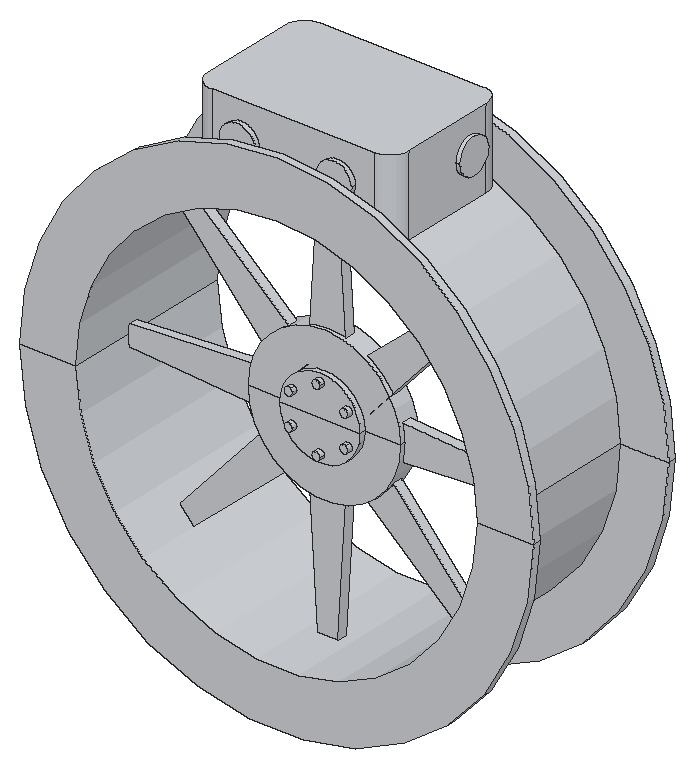
Revit family "CADS_Vent-Axia_MechEquip_Fan_ESC_3Ph2P - SUPPLY", category Mechanical Equipment, Revit 2020
Family settings
  Round Connector Dimension = Use Diameter
  Part Type = Normal
  OmniClass Number = 23.75.00.00
  OmniClass Title = Climate Control (HVAC)
  Work Plane-Based = No
  Always vertical = Yes
  Cut with Voids When Loaded = No
  Shared = No
  Room Calculation Point = No
Parameters (values of type "ESC25032")
  WorkingPressure = 0.0 Pa
  WarrantyStartDate [instance] = "1900-12-31T23:59:59"
  WarrantyPeriod = ""
  WarrantyIdentifier = "N/A"
  WarrantyGuarantorParts = "tech@vent-axia.com"
  WarrantyGuarantorLabor = "tech@vent-axia.com"
  WarrantyGuarantor = "Vent-Axia Limited"
  WarrantyEndDate [instance] = "1900-12-31T23:59:59"
  WarrantyContent = ""
  TemperatureRange = ""
  TagNumber [instance] = "N/A"
  SustainabilityPerformance = ""
  Status = "New"
  Size = ""
  Shape = ""
  ServiceLifeType = ""
  ServiceLifeDuration = ""
  SerialNumber [instance] = "N/A"
  ReplacementCost = ""
  RatedVoltage = 0 V
  RatedCurrent = 0 A
  Quantity = 1
  ProductionYear = ""
  PressureCurve = ""
  PowerFactor = ""
  PointOfContact = ""
  NumberOfPoles = 0
  NominalWidth = 250 mm
  NominalLength = 110 mm
  NominalHeight = 250 mm
  NominalFrequencyRange = ""
  NominalDiameter = 250 mm
  ModelReference = "SHORT CASED AXIAL FAN 250DIA 3PH 2 POLE"
  ModelNumber = "ESC25032"
  Material = ""
  ManufacturerE-Mail = "tech@vent-axia.com"
  ManufacturerAddress = "Fleming Way\nCrawley \nRH10 9YX"
  IsExtendedWarranty = no
  InsulationStandardClass = ""
  InstallationDate [instance] = "1900-12-31T23:59:59"
  IfcExportType [instance] = ""
  IfcExportAs = "IfcFanType"
  IP_Code = ""
  HasProtectiveEarth = no
  GrossWeight = 0.00 kg
  Grade = ""
  GlobalTradeItemNumber [instance] = "N/A"
  Fitting Type = "Ignore"
  Finish = ""
  Features = ""
  ExteriorInsulation = no
  ExpectedServiceLife = 0
  Exclusions = ""
  DurationUnit = "Year"
  Default Elevation = 0 mm
  Constituents = ""
  ConductorFunction = ""
  Color = ""
  CodePerformance = ""
  Category = ""
  CADS_Usage = 0
  CADS_Index = 0
  AssetType = "FIXED"
  AssetIdentifier [instance] = "N/A"
  AssemblyPlace = "UNKNOWN"
  ArticleNumber [instance] = "N/A"
  AirflowRateRange = 0.0 L/s
  Air Flow [instance] = 0.0 L/s
  AccessibilityPerformance = ""
Types (3, lengths in mm): name | NominalWidth | NominalLength | NominalHeight | NominalDiameter | ModelReference | ModelNumber
  ESC25032 | 250 | 110 | 250 | 250 | "SHORT CASED AXIAL FAN 250DIA 3PH 2 POLE" | "ESC25032"
  ESC31532 | 315 | 135 | 315 | 315 | "SHORT CASED AXIAL FAN 315DIA 3PH 2 POLE" | "ESC31532"
  ESC35532 | 355 | 135 | 355 | 355 | "SHORT CASED AXIAL FAN 355DIA 3PH 2 POLE" | "ESC35532"
Reference planes
  plane 1 "Center (Front/Back)": y = 0
  plane 2: z = 0
  plane 3 "Center (Left/Right)": x = 0
  plane 4: x = -125
  plane 5: x = 125
  plane 6 "F": y = -55
  plane 7 "B": y = 55
  plane 8: x = -160
  plane 9: y = 50
  plane 10: y = -50
  plane 11: x = -130
  plane 12: y = -15
  plane 13 "top": z = 125
  plane 14: z = -125
Forms (mm)
  Revolve 1, solid
    sketch origin (0, 0, 0) x (1, 0, 0) y (0, 1, 0)
      loop
        line (-160, -55) -> (-125, -55) -> (-125, 55) -> (-160, 55) -> (-160, 50) -> (-130, 50) -> (-130, -50) -> (-160, -50) -> (-160, -55)
      axis (0, 55) -> (0, -55)
    angle from 0 to 360
Dimensions and locks
  equal spacing: plane 4, plane 3 "Center (Left/Right)", plane 5
  equal spacing: plane 7 "B", plane 1 "Center (Front/Back)", plane 6 "F"
  "NominalLength": plane 7 "B" to plane 6 "F"
  "NominalDiameter": plane 4 to plane 5
  locked: plane 11 to plane 4 at 5
  locked: plane 8 to plane 11 at 30
  locked: plane 6 "F" to plane 10 at 5
  locked: plane 7 "B" to plane 9 at 5
  locked: plane 6 "F" to plane 12 at 40
  equal spacing: plane 13 "top", level, plane 14
  "NominalDiameter": plane 13 "top" to plane 14
  aligned and locked: level to plane 2
  aligned and locked: nested 1 to plane 12
  aligned and locked: plane 1 "Center (Front/Back)" to nested 16
  aligned and locked: plane 3 "Center (Left/Right)" to nested 16
Automatic sketch dimensions
  plane 6 "F" to Revolve 1 sketch curve = 0 mm
  Revolve 1 sketch curve to plane 8 = 0 mm  (x2)
  plane 10 to Revolve 1 sketch curve = 0 mm
  Revolve 1 sketch curve to plane 11 = 0 mm
  Revolve 1 sketch curve to plane 4 = 0 mm
  Revolve 1 sketch curve to plane 3 "Center (Left/Right)" = 0 mm
  plane 1 "Center (Front/Back)" to Revolve 1 sketch curve = 0 mm
  Revolve 1 sketch curve to plane 9 = 0 mm
  Revolve 1 sketch curve to plane 7 "B" = 0 mm
  plane 6 "F" to Revolve 1 sketch curve = 115 mm
Nested families
  nested 1: "Fan for ESC" at (0, -15, 0), ND <- "NominalDiameter", type "Fan for ESC"
    with hub 25 mm, ND 250 mm, BoltPCD 20 mm, Bolt Count 6, B_Diam 5 mm
  nested 2: "Bolts" at (17.321, -24.172, -10) x (-0.5, 0, -0.866) z (0, 1, 0), type "Bolts"
    with bd 5 mm
  nested 3: "Bolts" at (0, -24.172, -20) x (-1, 0, 0) z (0, 1, 0), type "Bolts"
    with bd 5 mm
  nested 4: "Bolts" at (-17.321, -24.172, -10) x (-0.5, 0, 0.866) z (0, 1, 0), type "Bolts"
    with bd 5 mm
  nested 5: "Bolts" at (-17.321, -24.172, 10) x (0.5, 0, 0.866) z (0, 1, 0), type "Bolts"
    with bd 5 mm
  nested 6: "Bolts" at (17.321, -24.172, 10) x (0.5, 0, -0.866) z (0, 1, 0), type "Bolts"
    with bd 5 mm
  nested 7: "Bolts" at (0, -24.172, 20) x (1, 0, 0) z (0, 1, 0), type "Bolts"
    with bd 5 mm
  nested 8: "ESC Blade" at (0, -15, 0), type "ESC Blade"
    with a 20.00°, HR 25 mm, HD 50 mm, BT 12.5 mm, BR 100 mm, BH 40 mm, BD 250 mm, BB 25 mm
  nested 9: "ESC Blade" at (0, -15, 0) x (0.7071, 0, -0.7071) z (0.7071, 0, 0.7071), type "ESC Blade"
    with a 20.00°, HR 25 mm, HD 50 mm, BT 12.5 mm, BR 100 mm, BH 40 mm, BD 250 mm, BB 25 mm
  nested 10: "ESC Blade" at (0, -15, 0) x (0, 0, -1) z (1, 0, 0), type "ESC Blade"
    with a 20.00°, HR 25 mm, HD 50 mm, BT 12.5 mm, BR 100 mm, BH 40 mm, BD 250 mm, BB 25 mm
  nested 11: "ESC Blade" at (0, -15, 0) x (-0.7071, 0, -0.7071) z (0.7071, 0, -0.7071), type "ESC Blade"
    with a 20.00°, HR 25 mm, HD 50 mm, BT 12.5 mm, BR 100 mm, BH 40 mm, BD 250 mm, BB 25 mm
  nested 12: "ESC Blade" at (0, -15, 0) x (-1, 0, 0) z (0, 0, -1), type "ESC Blade"
    with a 20.00°, HR 25 mm, HD 50 mm, BT 12.5 mm, BR 100 mm, BH 40 mm, BD 250 mm, BB 25 mm
  nested 13: "ESC Blade" at (0, -15, 0) x (-0.7071, 0, -0.7071) z (-0.7071, 0, 0.7071), type "ESC Blade"
    with a 20.00°, HR 25 mm, HD 50 mm, BT 12.5 mm, BR 100 mm, BH 40 mm, BD 250 mm, BB 25 mm
  nested 14: "ESC Blade" at (0, -15, 0) x (0, 0, -1) z (-1, 0, 0), type "ESC Blade"
    with a 20.00°, HR 25 mm, HD 50 mm, BT 12.5 mm, BR 100 mm, BH 40 mm, BD 250 mm, BB 25 mm
  nested 15: "ESC Blade" at (0, -15, 0) x (0.7071, 0, -0.7071) z (-0.7071, 0, -0.7071), type "ESC Blade"
    with a 20.00°, HR 25 mm, HD 50 mm, BT 12.5 mm, BR 100 mm, BH 40 mm, BD 250 mm, BB 25 mm
  nested 16: "Electrical Connection Box" at (0, 0, 125), type "125x84"
Connectors
  hvac at (0, -55, 0), driven by "NominalDiameter", driven by "Air Flow"
    settings: on Revolve 1, index 1, duct flow 0.0 L/s, flow factor 0, pres drop 0.0 Pa, loss coef 0, conn angle 0.00°, conn width 304.8 mm, conn height 304.8 mm, conn diameter 250 mm, duct sys type 1, conn prof type 0, flow config 1, flow direction 1, loss method 0, conn ref index -1, conn util no, is conn primary yes, conn desc ""
  hvac at (0, 55, 0), driven by "NominalDiameter", driven by "Air Flow"
    settings: on Revolve 1, index 2, duct flow 0.0 L/s, flow factor 0, pres drop 0.0 Pa, loss coef 0, conn angle 0.00°, conn width 304.8 mm, conn height 304.8 mm, conn diameter 250 mm, duct sys type 1, conn prof type 0, flow config 0, flow direction 2, loss method 0, conn ref index -1, conn util no, is conn primary no, conn desc ""
Definition of nested family "Fan for ESC"
  Parameters (values of type "Fan for ESC")
    hub [instance] = ND / 10  # 56.7 mm
    ND [instance] = 567 mm
    Model = "."
    Default Elevation = 0 mm
    BoltPCD [instance] = hub - (hub * 0.2)  # 45.36 mm
    Bolt Count [instance] = if(hub < 50 mm, 6, 8)  # 8
    B_Diam [instance] = if(hub < 50 mm, 5 mm, 10 mm)  # 10 mm
  Reference planes
    plane 1 "Center (Front/Back)": y = 0
    plane 2: z = 0
    plane 3 "Center (Left/Right)": x = 0
    plane 4 "back": y = 20
    plane 5 "bolts": y = -9.172
    plane 6 "B": z = 56.7
    plane 7: x = -79.287
    plane 8: x = -56.7
    plane 9 "hubface": y = -6.172
  Forms (mm)
    Revolve 1, solid
      sketch origin (0, 0, 0) x (1, 0, 0) y (0, 1, 0)
        loop
          line (0, 20) -> (-56.7, 20) -> (-56.7, 10.504) -> (-79.287, 10.504) -> (-79.287, -2.597) -> (-56.7, -2.597) -> (-56.7, -6.172) -> (0, -6.172) -> (0, 20)
        axis (0, 20) -> (0, -6.172)
      angle from 0 to 360
    Extrusion 2, solid, not visible
      sketch origin (0, -6.347, -4) x (-1, 0, 0) y (0, 0, 1)
        loop
          circle (0, 84) r 5
      from 0 to 3
  Lines and regions (mm)
    symbolic lines
      curve 1: circle (0, -9.172, 0) r 45.36 normal (0, 1, 0)
    model lines, not visible
      curve 2: line (0, -6.347, 85) -> (0, -6.347, 75)
  Dimensions and locks
    "hub": plane 6 "B" to plane 2
    "hub": nested 3 to plane 3 "Center (Left/Right)"
    "hub": nested 4 to plane 3 "Center (Left/Right)"
    "hub": nested 5 to plane 3 "Center (Left/Right)"
    "hub": plane 3 "Center (Left/Right)" to nested 6
    "hub": Revolve 1 sketch curve to Revolve 1 sketch curve
    "hub": plane 3 "Center (Left/Right)" to nested 7
    "hub": plane 3 "Center (Left/Right)" to nested 8
    "hub": plane 3 "Center (Left/Right)" to nested 9
    "hub": plane 8 to plane 3 "Center (Left/Right)"
    plane 7 to plane 8 = 22.587 mm
    diameter of Extrusion 2 sketch curve = 10 mm
    "BoltPCD": radius of curve 1
    "BoltPCD": radius of radial array
    aligned and locked: level to plane 2
    aligned and locked: plane 6 "B" to nested 1
  Automatic sketch dimensions
    Revolve 1 sketch curve to plane 7 = 0 mm
    Revolve 1 sketch curve to plane 8 = 0 mm  (x2)
    Revolve 1 sketch curve to plane 3 "Center (Left/Right)" = 0 mm
    Revolve 1 sketch curve to plane 9 "hubface" = 0 mm
    plane 4 "back" to Revolve 1 sketch curve = 0 mm
    plane 1 "Center (Front/Back)" to Revolve 1 sketch curve = 2.597 mm
    plane 4 "back" to Revolve 1 sketch curve = 9.496 mm
    Revolve 1 sketch curve to Revolve 1 sketch curve = 5 mm
    Revolve 1 sketch curve to plane 4 "back" = 45 mm
    curve 1 to level = 0 mm
    curve 1 to plane 3 "Center (Left/Right)" = 0 mm
  Nested families
    nested 1: "ESC Blade" at (0, 0, 0), BD <- "ND", HD <- "hub", type "ESC Blade"
      with a 20.00°, HR 56.7 mm, HD 113.4 mm, BT 28.35 mm, BR 226.8 mm, BH 40 mm, BD 567 mm, BB 56.7 mm
    nested 2: "ESC Blade" at (0, 0, 755), BD <- "ND", HD <- "hub", type "ESC Blade", not visible
      with a 20.00°, HR 56.7 mm, HD 113.4 mm, BT 28.35 mm, BR 226.8 mm, BH 40 mm, BD 567 mm, BB 56.7 mm
    nested 3: "ESC Blade" at (0, 0, 0) x (0.7071, 0, -0.7071) z (0.7071, 0, 0.7071), BD <- "ND", HD <- "hub", type "ESC Blade"
      with a 20.00°, HR 56.7 mm, HD 113.4 mm, BT 28.35 mm, BR 226.8 mm, BH 40 mm, BD 567 mm, BB 56.7 mm
    nested 4: "ESC Blade" at (0, 0, 0) x (0, 0, -1) z (1, 0, 0), BD <- "ND", HD <- "hub", type "ESC Blade"
      with a 20.00°, HR 56.7 mm, HD 113.4 mm, BT 28.35 mm, BR 226.8 mm, BH 40 mm, BD 567 mm, BB 56.7 mm
    nested 5: "ESC Blade" at (0, 0, 0) x (-0.7071, 0, -0.7071) z (0.7071, 0, -0.7071), BD <- "ND", HD <- "hub", type "ESC Blade"
      with a 20.00°, HR 56.7 mm, HD 113.4 mm, BT 28.35 mm, BR 226.8 mm, BH 40 mm, BD 567 mm, BB 56.7 mm
    nested 6: "ESC Blade" at (0, 0, 0) x (-1, 0, 0) z (0, 0, -1), BD <- "ND", HD <- "hub", type "ESC Blade"
      with a 20.00°, HR 56.7 mm, HD 113.4 mm, BT 28.35 mm, BR 226.8 mm, BH 40 mm, BD 567 mm, BB 56.7 mm
    nested 7: "ESC Blade" at (0, 0, 0) x (-0.7071, 0, -0.7071) z (-0.7071, 0, 0.7071), BD <- "ND", HD <- "hub", type "ESC Blade"
      with a 20.00°, HR 56.7 mm, HD 113.4 mm, BT 28.35 mm, BR 226.8 mm, BH 40 mm, BD 567 mm, BB 56.7 mm
    nested 8: "ESC Blade" at (0, 0, 0) x (0, 0, -1) z (-1, 0, 0), BD <- "ND", HD <- "hub", type "ESC Blade"
      with a 20.00°, HR 56.7 mm, HD 113.4 mm, BT 28.35 mm, BR 226.8 mm, BH 40 mm, BD 567 mm, BB 56.7 mm
    nested 9: "ESC Blade" at (0, 0, 0) x (0.7071, 0, -0.7071) z (-0.7071, 0, -0.7071), BD <- "ND", HD <- "hub", type "ESC Blade"
      with a 20.00°, HR 56.7 mm, HD 113.4 mm, BT 28.35 mm, BR 226.8 mm, BH 40 mm, BD 567 mm, BB 56.7 mm
    nested 10: "Bolts" at (0, -9.172, 45.36) x (1, 0, 0) z (0, 1, 0), bd <- "B_Diam", type "Bolts"
      with bd 10 mm
    nested 11: "Bolts" at (32.074, -9.172, 32.074) x (0.7071, 0, -0.7071) z (0, 1, 0), bd <- "B_Diam", type "Bolts"
      with bd 10 mm
    nested 12: "Bolts" at (-32.074, -9.172, 32.074) x (0.7071, 0, 0.7071) z (0, 1, 0), bd <- "B_Diam", type "Bolts"
      with bd 10 mm
    nested 13: "Bolts" at (-45.36, -9.172, 0) x (0, 0, 1) z (0, 1, 0), bd <- "B_Diam", type "Bolts"
      with bd 10 mm
    nested 14: "Bolts" at (-32.074, -9.172, -32.074) x (-0.7071, 0, 0.7071) z (0, 1, 0), bd <- "B_Diam", type "Bolts"
      with bd 10 mm
    nested 15: "Bolts" at (0, -9.172, -45.36) x (-1, 0, 0) z (0, 1, 0), bd <- "B_Diam", type "Bolts"
      with bd 10 mm
    nested 16: "Bolts" at (32.074, -9.172, -32.074) x (-0.7071, 0, -0.7071) z (0, 1, 0), bd <- "B_Diam", type "Bolts"
      with bd 10 mm
    nested 17: "Bolts" at (45.36, -9.172, 0) x (0, 0, -1) z (0, 1, 0), bd <- "B_Diam", type "Bolts"
      with bd 10 mm
  Definition of nested family "ESC Blade"
    Parameters (values of type "ESC Blade")
      a [instance] = 20.00°
      HR [instance] = HD / 2  # 30 mm
      HD [instance] = BD / 5  # 60 mm
      Default Elevation = 1219.2 mm
      BT [instance] = BD / 20  # 15 mm
      BR [instance] = (BD / 2) - HR  # 120 mm
      BH [instance] = 40 mm
      BD [instance] = 300 mm
      BB [instance] = BD / 10  # 30 mm
    Reference planes
      plane 1 "Center (Front/Back)": y = 0
      plane 2: z = 0
      plane 3 "Center (Left/Right)": x = 0
      plane 4 "Blade Bot": z = 30
      plane 5: x = -15
      plane 6: x = 15
      plane 7: x = -7.5
      plane 8: x = 7.5
    Forms (mm)
      Blend 1, solid
        base sketch origin (0, 0, 30) x (-1, 0, 0) y (0, -1, 0)
          loop
            line (15, 0) -> (-15, 0) -> (-15, -6) -> (15, -6) -> (15, 0)
        top sketch origin (0, 0, 30) x (-1, 0, 0) y (0, -1, 0)
          loop
            line (7.5, -6) -> (7.5, 0) -> (-7.5, 0) -> (-7.5, -6) -> (7.5, -6)
        from 0 to 120 <- "BR"
    Dimensions and locks
      "HR": plane 4 "Blade Bot" to level
      equal spacing: plane 8, plane 3 "Center (Left/Right)", plane 7
      "BT": plane 8 to plane 7
      equal spacing: plane 6, plane 3 "Center (Left/Right)", plane 5
      "BB": plane 6 to plane 5
      aligned and locked: level to plane 2
    Automatic sketch dimensions
      plane 1 "Center (Front/Back)" to Blend 1 sketch curve = 0 mm  (x2)
      Blend 1 sketch curve to plane 6 = 0 mm
      Blend 1 sketch curve to plane 5 = 0 mm
      Blend 1 sketch curve to plane 1 "Center (Front/Back)" = 6 mm  (x2)
      Blend 1 sketch curve to plane 8 = 0 mm
      Blend 1 sketch curve to plane 7 = 0 mm
  Definition of nested family "Bolts"
    Parameters
      bd [instance] = 10 mm
      Default Elevation = 1219.2 mm
    Reference planes
      plane 1 "Center (Front/Back)": y = 0
      plane 2: z = 0
      plane 3 "Center (Left/Right)": x = 0
    Forms (mm)
      Extrusion 1, solid
        sketch origin (0, 0, 0) x (1, 0, 0) y (0, 1, 0)
          loop
            line (-1219.2, 1219.2) -> (-1219.2, -1219.2) -> (1219.2, -1219.2) -> (1219.2, 1219.2) -> (-1219.2, 1219.2)
        from 0 to -304.8
      Extrusion 2, solid
        sketch origin (0, 0, 0) x (1, 0, 0) y (0, 1, 0)
          loop
            circle (0, 0) r 5
        from 0 to 3
    Dimensions and locks
      "bd": diameter of Extrusion 2 sketch curve
      aligned and locked: plane 2 to Extrusion 1
      aligned and locked: level to Extrusion 1
    Automatic sketch dimensions
      Extrusion 1 sketch curve to Extrusion 1 sketch curve = 2438.4 mm  (x2)
      plane 1 "Center (Front/Back)" to Extrusion 2 sketch curve = 0 mm
      Extrusion 2 sketch curve to plane 3 "Center (Left/Right)" = 0 mm
Definition of nested family "Bolts"
  Parameters
    bd [instance] = 10 mm
    Default Elevation = 1219.2 mm
  Reference planes
    plane 1 "Center (Front/Back)": y = 0
    plane 2: z = 0
    plane 3 "Center (Left/Right)": x = 0
  Forms (mm)
    Extrusion 1, solid
      sketch origin (0, 0, 0) x (1, 0, 0) y (0, 1, 0)
        loop
          line (-1219.2, 1219.2) -> (-1219.2, -1219.2) -> (1219.2, -1219.2) -> (1219.2, 1219.2) -> (-1219.2, 1219.2)
      from 0 to -304.8
    Extrusion 2, solid
      sketch origin (0, 0, 0) x (1, 0, 0) y (0, 1, 0)
        loop
          circle (0, 0) r 5
      from 0 to 3
  Dimensions and locks
    "bd": diameter of Extrusion 2 sketch curve
    aligned and locked: plane 2 to Extrusion 1
    aligned and locked: level to Extrusion 1
  Automatic sketch dimensions
    Extrusion 1 sketch curve to Extrusion 1 sketch curve = 2438.4 mm  (x2)
    plane 1 "Center (Front/Back)" to Extrusion 2 sketch curve = 0 mm
    Extrusion 2 sketch curve to plane 3 "Center (Left/Right)" = 0 mm
Definition of nested family "ESC Blade"
  Parameters (values of type "ESC Blade")
    a [instance] = 20.00°
    HR [instance] = HD / 2  # 30 mm
    HD [instance] = BD / 5  # 60 mm
    Default Elevation = 1219.2 mm
    BT [instance] = BD / 20  # 15 mm
    BR [instance] = (BD / 2) - HR  # 120 mm
    BH [instance] = 40 mm
    BD [instance] = 300 mm
    BB [instance] = BD / 10  # 30 mm
  Reference planes
    plane 1 "Center (Front/Back)": y = 0
    plane 2: z = 0
    plane 3 "Center (Left/Right)": x = 0
    plane 4 "Blade Bot": z = 30
    plane 5: x = -15
    plane 6: x = 15
    plane 7: x = -7.5
    plane 8: x = 7.5
  Forms (mm)
    Blend 1, solid
      base sketch origin (0, 0, 30) x (-1, 0, 0) y (0, -1, 0)
        loop
          line (15, 0) -> (-15, 0) -> (-15, -6) -> (15, -6) -> (15, 0)
      top sketch origin (0, 0, 30) x (-1, 0, 0) y (0, -1, 0)
        loop
          line (7.5, -6) -> (7.5, 0) -> (-7.5, 0) -> (-7.5, -6) -> (7.5, -6)
      from 0 to 120 <- "BR"
  Dimensions and locks
    "HR": plane 4 "Blade Bot" to level
    equal spacing: plane 8, plane 3 "Center (Left/Right)", plane 7
    "BT": plane 8 to plane 7
    equal spacing: plane 6, plane 3 "Center (Left/Right)", plane 5
    "BB": plane 6 to plane 5
    aligned and locked: level to plane 2
  Automatic sketch dimensions
    plane 1 "Center (Front/Back)" to Blend 1 sketch curve = 0 mm  (x2)
    Blend 1 sketch curve to plane 6 = 0 mm
    Blend 1 sketch curve to plane 5 = 0 mm
    Blend 1 sketch curve to plane 1 "Center (Front/Back)" = 6 mm  (x2)
    Blend 1 sketch curve to plane 8 = 0 mm
    Blend 1 sketch curve to plane 7 = 0 mm
Definition of nested family "Electrical Connection Box"
  Parameters (values of type "125x84")
    w = 125 mm
    vis grommets = yes
    h = 50 mm
    d = 84 mm
    Default Elevation = 1219.2 mm
  Types (4, lengths in mm): name | w | vis grommets | h | d
    125x84 | 125 | yes | 50 | 84
    165x135 | 165 | no | 50 | 135
    Electrical Connection Box 2 | 165 | no | 0 | 135
    Electrical Connection Box | 125 | no | 0 | 84
  Reference planes
    plane 1 "Center (Front/Back)": y = 0
    plane 2: z = 0
    plane 3 "Center (Left/Right)": x = 0
    plane 4: y = 42
    plane 5: x = 62.5
    plane 6: x = -62.5
    plane 7: y = -42
  Forms (mm)
    Extrusion 1, solid
      sketch origin (0, 0, 0) x (1, 0, 0) y (0, 1, 0)
        loop
          line (-1219.2, 1219.2) -> (-1219.2, -1219.2) -> (1219.2, -1219.2) -> (1219.2, 1219.2) -> (-1219.2, 1219.2)
      from 0 to -304.8
    Extrusion 2, solid
      sketch origin (-62.5, -42, 0) x (1, 0, 0) y (0, 1, 0)
        loop
          arc (12, 84) -> (3.515, 80.485) -> (0, 72) r 12
          line (0, 72) -> (0, 12)
          arc (0, 12) -> (3.515, 3.515) -> (12, 0) r 12
          line (12, 0) -> (113, 0)
          arc (113, 0) -> (121.485, 3.515) -> (125, 12) r 12
          line (125, 12) -> (125, 72)
          arc (125, 72) -> (121.485, 80.485) -> (113, 84) r 12
          line (113, 84) -> (12, 84)
      from 0 to 50 <- "h"
    Extrusion 3, solid, visible <- "vis grommets"
      sketch origin (62.5, 43.228, -0.59) x (0, -1, 0) y (0, 0, -1)
        loop
          circle (26.228, -28.09) r 11
      from 0 to 3
    Extrusion 4, solid, visible <- "vis grommets"
      sketch origin (204.495, -42, 22.909) x (-1, 0, 0) y (0, 0, -1)
        loop
          circle (176.995, -4.591) r 11
      from 0 to 3
    Extrusion 5, solid, visible <- "vis grommets"
      sketch origin (144.495, -42, 22.909) x (-1, 0, 0) y (0, 0, -1)
        loop
          circle (176.995, -4.591) r 11
      from 0 to 3
  Dimensions and locks
    "w": plane 6 to plane 5
    equal spacing: plane 6, plane 3 "Center (Left/Right)", plane 5
    "d": plane 4 to plane 7
    equal spacing: plane 4, plane 1 "Center (Front/Back)", plane 7
    aligned and locked: plane 2 to Extrusion 1
    aligned and locked: level to Extrusion 1
  Automatic sketch dimensions
    Extrusion 1 sketch curve to Extrusion 1 sketch curve = 2438.4 mm  (x2)
    Extrusion 2 sketch curve to plane 6 = 0 mm
    plane 7 to Extrusion 2 sketch curve = 0 mm
    Extrusion 2 sketch curve to plane 4 = 0 mm
    Extrusion 2 sketch curve to plane 5 = 0 mm
    Extrusion 2 sketch curve to plane 6 = 12 mm
    Extrusion 2 sketch curve to plane 4 = 12 mm  (x2)
    Extrusion 2 sketch curve to plane 5 = 12 mm
    Extrusion 3 sketch curve to Extrusion 2 = 13 mm
    Extrusion 2 to Extrusion 3 sketch curve = 22.5 mm
    Extrusion 4 sketch curve to Extrusion 2 = 23 mm
    Extrusion 2 to Extrusion 4 sketch curve = 22.5 mm
    Extrusion 2 to Extrusion 5 sketch curve = 18 mm
    Extrusion 2 to Extrusion 5 sketch curve = 22.5 mm
    radius of Extrusion 3 sketch curve = 11 mm
    radius of Extrusion 4 sketch curve = 11 mm
    radius of Extrusion 5 sketch curve = 11 mm
